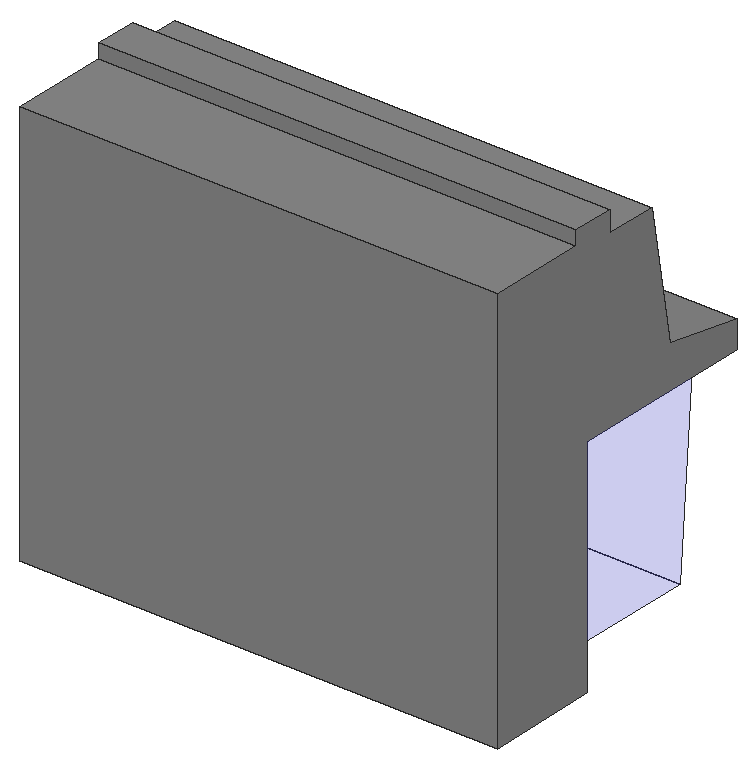
Revit family
Parameters
  Wattage = 70 W
  built-in parameter 1150110 = 1 (stored number, unit not read)
  built-in parameter 1114217 = 1 (stored number, unit not read)
  built-in parameter 1150109 = 1 (stored number, unit not read)
  built-in parameter 1150134 = 12
  built-in parameter 1150113 = 1 (stored number, unit not read)
  재료 = 금속 - 페인트 마감 - 어두운 회색, 무광
  장착 높이 = 2800 mm
  Lumens = 5499.9 lm
  built-in parameter 1150115 = 1 (stored number, unit not read)
  built-in parameter 1150105 = 1750.7 (stored number, unit not read)
  Light Source Symbol Size = 609.6 mm
  built-in parameter 1150137 = (empty or 0)
  built-in parameter 1150139 = (empty or 0)
  built-in parameter 1150112 = 1 (stored number, unit not read)
  built-in parameter 1150114 = 1 (stored number, unit not read)
  built-in parameter 1150132 = (empty or 0)
  built-in parameter 1150102 = (empty or 0)
  built-in parameter 1150138 = (empty or 0)
  built-in parameter 1150107 = 4000 (stored number, unit not read)
  built-in parameter 1150106 = 17.507 (stored number, unit not read)
  built-in parameter 1150104 = 7.2994 (stored number, unit not read)
  Dimming Lamp Color Temperature Shift = (empty or 0)
  Color Filter = 16777215
  built-in parameter 1114218 = 1 (stored number, unit not read)
  built-in parameter 1150133 = 10 (stored number, unit not read)
Reference planes
  plane 1: y = 0
  plane 2 "광원 축": y = 228.6
  plane 3 "광원 축": x = 121.764
  plane 4 "광원 입면도": z = 2615.85
  plane 5: z = 2800
  plane 6: z = 2431.7
  plane 7: x = 337.664
  plane 8: x = -94.136
  plane 9: y = 177.8
  plane 10: y = 76.2
  plane 11: x = -68.735
  plane 12: x = 312.264
Forms (mm)
  Extrusion 1, solid, material "금속 - 페인트 마감 - 어두운 회색, 무광" <- "재료"
    sketch origin (-94.136, 177.8, 1817.14) x (0, -1, 0) y (0, 0, 1)
      loop
        line (12.7, 982.86) -> (12.7, 995.56) -> (-25.4, 995.56) -> (-25.4, 976.51) -> (-72.841, 976.51) -> (-93.843, 857.403) -> (-168.885, 844.172) -> (-168.885, 818.772) -> (0, 818.772) -> (0, 614.56) -> (101.6, 614.56) -> (101.6, 982.86) -> (12.7, 982.86)
    from -431.8 to 0
  Extrusion 2, solid, material "유리"
    sketch origin (-94.136, 177.8, 1817.14) x (0, -1, 0) y (0, 0, 1)
      loop
        line (-152.4, 818.772) -> (-137.221, 633.61) -> (0, 633.61) -> (0, 818.772) -> (-152.4, 818.772)
    from -406.4 to -25.401
Text (mm)
  text "측면 배치" at (0, 1019.848, 3124.603), in view "오른쪽"
  text "측면 배치" at (-1209.637, 403.577, 0), in view "참조 레벨"
  text "측면 배치" at (0, 1206.291, 3571.227), in view "왼쪽"
Dimensions and locks
  equal spacing: plane 7, plane 3 "광원 축", plane 8
  plane 7 to plane 8 = 431.8 mm
  locked: plane 10 to host wall
  locked: plane 8 to plane 11 at 25.401
  locked: plane 12 to plane 7 at 25.4
  locked: plane 9 to plane 10 at 101.6
  locked: plane 9 to plane 2 "광원 축" at 50.8
  locked: Extrusion 1 sketch curve to plane 10 at 88.9
  locked: Extrusion 1 sketch curve to Extrusion 1 sketch curve at 38.1
  locked: Extrusion 1 sketch curve to plane 5 at 12.7
  locked: Extrusion 1 sketch curve to plane 5 at 6.35
  locked: Extrusion 1 sketch curve to plane 10 at 174.441
  locked: Extrusion 1 sketch curve to Extrusion 1 sketch curve at 120.944
  locked: Extrusion 1 sketch curve to Extrusion 1 sketch curve at 76.2
  locked: Extrusion 1 sketch curve to Extrusion 1 sketch curve at 25.4
  locked: plane 6 to Extrusion 2 sketch curve at 19.05
  locked: Extrusion 2 sketch curve to Extrusion 2 sketch curve at 152.4
  "장착 높이": level to plane 5
  locked: plane 6 to plane 5 at 368.3
  locked: plane 4 "광원 입면도" to plane 5 at 184.15
  locked: Extrusion 1 sketch curve to Extrusion 1 sketch curve (angle 100.00°)
  locked: Extrusion 1 sketch curve to Extrusion 1 sketch curve (angle 110.00°)
  locked: Extrusion 2 sketch curve to Extrusion 2 sketch curve (angle 94.6865°)
  aligned and locked: plane 11 to Extrusion 2
  aligned and locked: Extrusion 2 to plane 12
  aligned and locked: Extrusion 1 sketch curve to plane 6
  aligned and locked: Extrusion 1 sketch curve to plane 10
  aligned and locked: plane 5 to Extrusion 1 sketch curve
  aligned and locked: Extrusion 1 sketch curve to plane 9
  aligned and locked: Extrusion 2 sketch curve to Extrusion 1
  aligned and locked: Extrusion 2 sketch curve to plane 9
  aligned and locked: imposter light to plane 4 "광원 입면도"
  aligned and locked: plane 2 "광원 축" to imposter light
